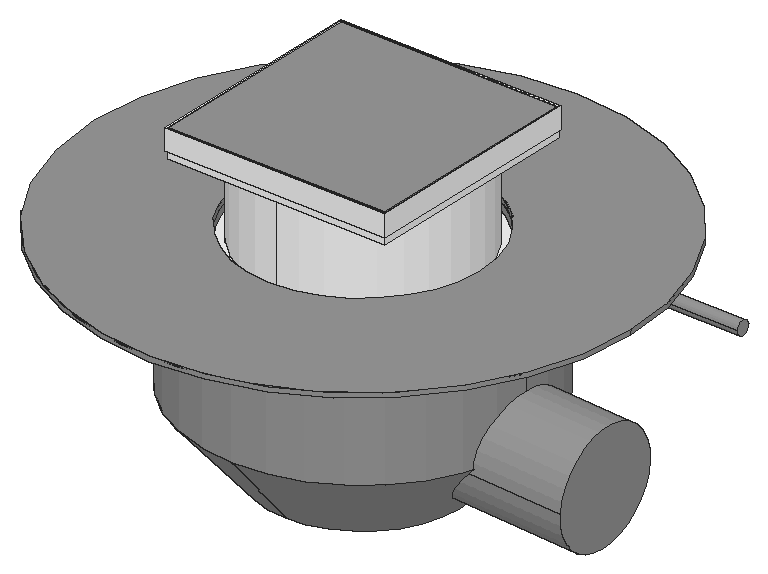
Revit family "HL_RU_Roof drain_HL64.1BF-B-221103", category Sanitärinstallationen, Revit 2020
Family settings
  Bemaßung runder Anschluss = Durchmesser verwenden
  Teiletyp = Normal
  OmniClass-Nummer = 23.70.50.21.24.14
  OmniClass-Titel = Deck Waste Water Drains
  Arbeitsebenenbasiert = Nein
  Immer vertikal = Ja
  Beim Laden mit Abzugskörper schneiden = Nein
  Gemeinsam genutzt = Nein
  Raumberechnungspunkt = Ja
Parameters (values of type "HL_Кровельная воронка_HL64.1BF_7")
  РЕШЁТКА = "Edelstahl 137x137mm"
  РАЗМЕР = "DN75"
  ПРОПУСКНАЯ СПОСОБНОСТЬ [instance] = 0.0 L/s
  ПРОИЗВОДИТЕЛЬНОСТЬ = "3,7 l/s"
  ПРАВОВАЯ ИНФОРМАЦИЯ = "Авторские права(©), права на дизайн или какие либо другие права интелектуальной собственности являются исключительной собственностью компании HL Hutterer & Lechner. Изменению не подлежит. Файл семейства с данными о прозводителе изделия защищен паролем с водяным знаком."
  НОМИНАЛЬНЫЙ ДИАМЕТР = 75 mm
  НАСАДКА = "19-65mm/148x148mm"
  МАТЕРИАЛ = "PP"
  МАКСИМАЛЬНАЯ НАГРУЗКА КЛАССА = "K - 300 kg"
  ВЕС = "1,16 [kg]"
  Vorgabe-Ansicht = 0 mm
  Hersteller = "HL Hutterer & Lechner GmbH"  # constant formula
  URL = "http://www.hutterer-lechner.com/ru/products/catalog/roof-drains/HL64.1BF/7.aspx"
  Материал плитка [instance] = none
  Lüftungsverbindung = no
  Abwasserrohrverbindung = yes
  HW-Verbindung = no
  KW-Verbindung = no
  Beschreibung = "Кровельные воронки"
  Model = "HL64.1BF_7"
  Assembly Code = " "
  Typenkommentare = "HL64.1BF/7 Кровельная воронка DN75 для эксплуатируемой кровли, горизонтальный выпуск, с ПП_фланцем и электрообогревом (10_30W/230V),"
  Keynote = "HL64.1BF_7"
  Bысота монтажа [instance] = 65 mm  # constant formula
  G [instance] = 90.00°  # constant formula
  EAN = "9003076031566"
  D [instance] = if(НОМИНАЛЬНЫЙ ДИАМЕТР = 75 mm, 162.8 mm, 178 mm)  # 162.8 mm
  C [instance] = if(Bысота монтажа - 68 mm < 0 mm, 0 mm, Bысота монтажа - 68 mm)  # 0 mm
  B [instance] = Bысота монтажа + if(НОМИНАЛЬНЫЙ ДИАМЕТР = 75 mm, 101.7 mm, 84 mm)  # 166.7 mm
  A [instance] = if(B - 100 mm > 15 mm, B - 100 mm, 15 mm)  # 66.7 mm
Types (3, lengths in mm): name | РАЗМЕР | НОМИНАЛЬНЫЙ ДИАМЕТР | ВЕС | URL | Model | Typenkommentare | Keynote | EAN | D | B | A
  (no name) | "DN75" | 75 | "1,16 [kg]" | "http://www.hutterer-lechner.com/ru/products/catalog/roof-drains/HL64.1BF/7.aspx" | "HL64.1BF_7" | "HL64.1BF/7 Кровельная воронка DN75 для эксплуатируемой кровли, горизонтальный выпуск, с ПП_фланцем и электрообогревом (10_30W/230V)," | "HL64.1BF_7" | "9003076031566" | 162.8 | 166.7 | 66.7
  HL_Кровельная воронка_HL64.1BF_1 | "DN110" | 110 | "1,18 [kg]" | "http://www.hutterer-lechner.com/ru/products/catalog/roof-drains/HL64.1BF/1.aspx" | "HL64.1BF_1" | "HL64.1BF/1 Кровельная воронка DN110 для эксплуатируемой кровли, горизонтальный выпуск, с ПП_фланцем и электрообогревом (10_30W/230V)," | "HL64.1BF_1" | "9003076031580" | 178 | 149 | 49
  HL_Кровельная воронка_HL64.1BF_7 | "DN75" | 75 | "1,16 [kg]" | "http://www.hutterer-lechner.com/ru/products/catalog/roof-drains/HL64.1BF/7.aspx" | "HL64.1BF_7" | "HL64.1BF/7 Кровельная воронка DN75 для эксплуатируемой кровли, горизонтальный выпуск, с ПП_фланцем и электрообогревом (10_30W/230V)," | "HL64.1BF_7" | "9003076031566" | 162.8 | 166.7 | 66.7
Reference planes
  plane 1 "Center (Front/Back)": y = 0
  plane 2: z = 0
  plane 3 "Center (Left/Right)": x = 0
  plane 4: z = -166.7
  plane 5: z = -65
Lines and regions (mm)
  model lines, style "InvisibleLines"
    curve 1: line (0, 0, 0) -> (0, 0, 20)
  model lines, style "PlumbingFixtures", detail levels coarse+medium
    curve 2: line (0, 0, -166.7) -> (0, 0, -100)
    curve 3: line (0, 0, -100) -> (-100, 0, 0)
    curve 4: line (0, 0, -100) -> (100, 0, 0)
    curve 6: line (0, 0, -166.7) -> (162.8, 0, -166.7)
  reference lines, not visible
    curve 5: line (0, 0, -166.7) -> (162.8, 0, -166.7)
  symbolic lines, style "PlumbingFixtures", detail levels coarse+medium
    curve 7: line (-75, 75, 0) -> (75, 75, 0)
    curve 8: line (-75, -75, 0) -> (-75, 75, 0)
    curve 9: line (75, -75, 0) -> (-75, -75, 0)
    curve 10: line (75, 75, 0) -> (75, -75, 0)
    curve 11: line (-75, 75, 0) -> (-145.711, 145.711, 0)
    curve 12: line (75, 75, 0) -> (145.711, 145.711, 0)
    curve 13: line (-75, -75, 0) -> (-145.711, -145.711, 0)
    curve 14: line (75, -75, 0) -> (145.711, -145.711, 0)
  symbolic lines, style "PlumbingFixtures", not visible, detail levels coarse+medium
    curve 15: line (-75, 75, 0) -> (75, 75, 0)
    curve 16: line (-75, -75, 0) -> (-75, 75, 0)
    curve 17: line (75, -75, 0) -> (-75, -75, 0)
    curve 18: line (75, 75, 0) -> (75, -75, 0)
    curve 19: line (-75, 75, 0) -> (-145.711, 145.711, 0)
    curve 20: line (75, 75, 0) -> (145.711, 145.711, 0)
    curve 21: line (-75, -75, 0) -> (-145.711, -145.711, 0)
    curve 22: line (75, -75, 0) -> (145.711, -145.711, 0)
Text (mm)
  text "FLOOR" at (-162.344, 0, -10.979), in view "Drain Construction View"
Dimensions and locks
  "B": plane 2 to plane 4
  "Bысота монтажа": plane 2 to plane 5
  "A": curve 4 to plane 4
  "D": curve 5 to curve 5
  "D": curve 6 to curve 6
  locked: curve 4 to plane 3 "Center (Left/Right)" (angle 45.00°)
  locked: plane 3 "Center (Left/Right)" to curve 3 (angle 45.00°)
  "G": angle curve 5 to plane 3 "Center (Left/Right)"
  aligned and locked: level to plane 2
  aligned and locked: plane 2 to curve 4
  aligned and locked: plane 2 to curve 3
  aligned and locked: plane 4 to curve 5
  aligned and locked: plane 3 "Center (Left/Right)" to curve 5
  aligned and locked: plane 4 to curve 2
  aligned and locked: plane 3 "Center (Left/Right)" to curve 6
  aligned and locked: plane 4 to curve 6
  aligned and locked: plane 2 to nested 1
  aligned and locked: nested 2 to plane 5
Automatic sketch dimensions
  curve 2 to plane 3 "Center (Left/Right)" = 0 mm
  curve 1 to plane 3 "Center (Left/Right)" = 0 mm
  curve 1 to level = 0 mm
  level to curve 1 = 20 mm
Nested families
  nested 1: "HL_Насадка_HL66.9S" at (0, 0, 0), Bысота монтажа <- "Bысота монтажа", type "HL_Grate frame_HL66.9S"
    with L 93 mm, IHmin 12 mm, IHmax 65 mm, Bысота монтажа 65 mm
  nested 2: "HL_кровельные воронки - корпус_HL64.1F" at (0, 0, -64.538), НОМИНАЛЬНЫЙ ДИАМЕТР <- "НОМИНАЛЬНЫЙ ДИАМЕТР", type "HL_кровельные воронки - корпус_HL64.1F"
    with НОМИНАЛЬНЫЙ ДИАМЕТР 75 mm, Q02 93.275 mm, Q 150 mm, L 163 mm, B 101.5 mm, A 93.5 mm
Connectors
  piping at (162.8, 0, -166.7), diameter 75, driven by "ПРОПУСКНАЯ СПОСОБНОСТЬ", driven by "НОМИНАЛЬНЫЙ ДИАМЕТР"
    settings: on curve 5, index 1, connector inside diameter 609.6 mm, connector length 0 mm, flow factor 0, pipe flow 0.0 L/s, pressure drop 0.0 Pa, fitting loss kfactor 0, connector angle 0.00°, fixture units 0, engagement length 0 mm, angle of deflection 0.00°, flow configuration 1, flow direction 2, fitting loss method 0, system type 16, joint type 0, gender type 0, connector reference index -1, connector utility 0, adjustable connector yes, is connector primary yes, connector description ""
Definition of nested family "HL_Насадка_HL66.9S"
  Parameters (values of type "HL_Grate frame_HL66.9S")
    РЕШЁТКА = "Edelstahl 138x138mm"
    РАЗМЕР = "d 145 mm"
    ПРАВОВАЯ ИНФОРМАЦИЯ = "Авторские права(©), права на дизайн или какие либо другие права интелектуальной собственности являются исключительной собственностью компании HL Hutterer & Lechner. Изменению не подлежит. Файл семейства с данными о прозводителе изделия защищен паролем с водяным знаком."
    НАСАДКА = "147x147mm"
    МАТЕРИАЛ = "PP"
    МАКСИМАЛЬНАЯ НАГРУЗКА КЛАССА = "K - 300 kg"
    ВЫСОТА МОНТАЖА = "12-65mm"
    Материал плитка = none
    ВЕС = "0,345 [kg]"
    Default Elevation = 0 mm
    L [instance] = if(Bысота монтажа < IHmin, -100 mm, if(Bысота монтажа > IHmax, -100 mm, Bысота монтажа + 28 mm))  # 93 mm
    Manufacturer = "HL Hutterer & Lechner GmbH"
    URL = "http://www.hutterer-lechner.com/ru/products/catalog/roof-drains/HL66.9.aspx"
    Description = "Кровельные воронки"
    Model = "HL66.9"
    Type Comments = "HL66.9, Насадка d 145мм с бороздками/147х147мм/138х138мм"
    Keynote = "HL66.9"
    Bысота монтажа [instance] = 65 mm
    IHmin [instance] = 12 mm
    IHmax [instance] = 65 mm
    EAN = "9003076014606"
    Cost = 0
  Reference planes
    plane 1 "Střed (vpředu/vzadu)": y = 0
    plane 2: z = 0
    plane 3 "Střed (vlevo/vpravo)": x = 0
  Forms (mm)
    Revolve 1, solid, detail levels fine
      sketch origin (0, 0, 128) x (0, 1, 0) y (0, 0, 1)
        loop
          line (72.5, -142) -> (69.248, -142) -> (69.248, -221) -> (72.5, -221) -> (72.5, -142)
        axis (0, -142) -> (0, -221)
      angle from 0 to 360
    Extrusion 2, solid, detail levels fine
      sketch origin (-1.537, 0, -14.6) x (0, 1, 0) y (-1, 0, 0)
        loop
          line (74, 72.459) -> (-74, 72.459) -> (-74, -75.537) -> (74, -75.537) -> (74, 72.459)
        loop
          line (73, 71.463) -> (-73, 71.463) -> (-73, -74.537) -> (73, -74.537) -> (73, 71.463)
      from 0.6 to 14.6
    Extrusion 3, solid, detail levels fine
      sketch origin (-1.537, 0, -14) x (-1, 0, 0) y (0, 1, 0)
        loop
          line (71.463, 73) -> (-74.537, 73) -> (-74.537, -73) -> (71.463, -73) -> (71.463, 73)
        loop
          circle (-1.537, 0) r 72.5
      from 0 to 5
    Extrusion 4, solid, detail levels fine
      sketch origin (-1.537, 0, -14) x (-1, 0, 0) y (0, -1, 0)
        loop
          line (70.95, -72.397) -> (70.95, 72.463) -> (-74.05, 72.463) -> (-74.05, -72.397) -> (70.95, -72.397)
      from 0 to 14
    Revolve 5, solid, detail levels fine
      sketch origin (0, 75.989, -93) x (0, -1, 0) y (0, 0, -1)
        loop
          line (3.489, -20) -> (3.489, 0) -> (0.186, 0) -> (-2.325, -2.511) -> (-2.325, -20) -> (3.489, -20)
        axis (75.989, -20) -> (75.989, 0)
      angle from 0 to 360
  Lines and regions (mm)
    model lines, detail levels fine
      curve 1: line (36.25, 24.325, 0) -> (36.25, -24.42, 0)
      curve 2: line (43.75, -24.42, 0) -> (43.75, 24.325, 0)
      curve 3: line (52.25, 40.306, 0) -> (52.25, -40.355, 0)
      curve 4: line (59.75, -40.355, 0) -> (59.75, 40.306, 0)
      curve 5: line (20.25, 8.588, 0) -> (20.25, -8.684, 0)
      curve 6: line (27.75, -8.684, 0) -> (27.75, 8.588, 0)
      curve 7: arc (27.75, 8.588, 0) -> (24, 12.338, 0) -> (20.25, 8.588, 0) r 3.75
      curve 8: arc (20.25, -8.684, 0) -> (24, -12.434, 0) -> (27.75, -8.684, 0) r 3.75
      curve 9: arc (36.25, -24.42, 0) -> (40, -28.17, 0) -> (43.75, -24.42, 0) r 3.75
      curve 10: arc (43.75, 24.325, 0) -> (40, 28.075, 0) -> (36.25, 24.325, 0) r 3.75
      curve 11: arc (59.75, 40.306, 0) -> (56, 44.056, 0) -> (52.25, 40.306, 0) r 3.75
      curve 12: arc (52.25, -40.355, 0) -> (56, -44.105, 0) -> (59.75, -40.355, 0) r 3.75
      curve 13: line (-24.325, -36.25, 0) -> (24.42, -36.25, 0)
      curve 14: line (24.42, -43.75, 0) -> (-24.325, -43.75, 0)
      curve 15: line (-40.306, -52.25, 0) -> (40.355, -52.25, 0)
      curve 16: line (40.355, -59.75, 0) -> (-40.306, -59.75, 0)
      curve 17: line (-8.588, -20.25, 0) -> (8.684, -20.25, 0)
      curve 18: line (8.684, -27.75, 0) -> (-8.588, -27.75, 0)
      curve 19: arc (-8.588, -27.75, 0) -> (-12.338, -24, 0) -> (-8.588, -20.25, 0) r 3.75
      curve 20: arc (8.684, -20.25, 0) -> (12.434, -24, 0) -> (8.684, -27.75, 0) r 3.75
      curve 21: arc (24.42, -36.25, 0) -> (28.17, -40, 0) -> (24.42, -43.75, 0) r 3.75
      curve 22: arc (-24.325, -43.75, 0) -> (-28.075, -40, 0) -> (-24.325, -36.25, 0) r 3.75
      curve 23: arc (-40.306, -59.75, 0) -> (-44.056, -56, 0) -> (-40.306, -52.25, 0) r 3.75
      curve 24: arc (40.355, -52.25, 0) -> (44.105, -56, 0) -> (40.355, -59.75, 0) r 3.75
      curve 25: line (36.25, -24.42, 0) -> (36.25, 24.325, 0)
      curve 26: line (43.75, 24.325, 0) -> (43.75, -24.42, 0)
      curve 27: line (52.25, -40.355, 0) -> (52.25, 40.306, 0)
      curve 28: line (59.75, 40.306, 0) -> (59.75, -40.355, 0)
      curve 29: line (20.25, -8.684, 0) -> (20.25, 8.588, 0)
      curve 30: line (27.75, 8.588, 0) -> (27.75, -8.684, 0)
      curve 31: arc (27.75, -8.588, 0) -> (24, -12.338, 0) -> (20.25, -8.588, 0) r 3.75
      curve 32: arc (20.25, 8.684, 0) -> (24, 12.434, 0) -> (27.75, 8.684, 0) r 3.75
      curve 33: arc (36.25, 24.42, 0) -> (40, 28.17, 0) -> (43.75, 24.42, 0) r 3.75
      curve 34: arc (43.75, -24.325, 0) -> (40, -28.075, 0) -> (36.25, -24.325, 0) r 3.75
      curve 35: arc (59.75, -40.306, 0) -> (56, -44.056, 0) -> (52.25, -40.306, 0) r 3.75
      curve 36: arc (52.25, 40.355, 0) -> (56, 44.105, 0) -> (59.75, 40.355, 0) r 3.75
      curve 37: line (24.42, -36.25, 0) -> (-24.325, -36.25, 0)
      curve 38: line (-24.325, -43.75, 0) -> (24.42, -43.75, 0)
      curve 39: line (40.355, -52.25, 0) -> (-40.306, -52.25, 0)
      curve 40: line (-40.306, -59.75, 0) -> (40.355, -59.75, 0)
      curve 41: line (8.684, -20.25, 0) -> (-8.588, -20.25, 0)
      curve 42: line (-8.588, -27.75, 0) -> (8.684, -27.75, 0)
      curve 43: arc (8.588, -27.75, 0) -> (12.338, -24, 0) -> (8.588, -20.25, 0) r 3.75
      curve 44: arc (-8.684, -20.25, 0) -> (-12.434, -24, 0) -> (-8.684, -27.75, 0) r 3.75
      curve 45: arc (-24.42, -36.25, 0) -> (-28.17, -40, 0) -> (-24.42, -43.75, 0) r 3.75
      curve 46: arc (24.325, -43.75, 0) -> (28.075, -40, 0) -> (24.325, -36.25, 0) r 3.75
      curve 47: arc (40.306, -59.75, 0) -> (44.056, -56, 0) -> (40.306, -52.25, 0) r 3.75
      curve 48: arc (-40.355, -52.25, 0) -> (-44.105, -56, 0) -> (-40.355, -59.75, 0) r 3.75
      curve 49: line (-36.25, 24.325, 0) -> (-36.25, -24.325, 0)
      curve 50: line (-43.75, -24.325, 0) -> (-43.75, 24.325, 0)
      curve 51: line (-52.25, 40.306, 0) -> (-52.25, -40.306, 0)
      curve 52: line (-59.75, -40.306, 0) -> (-59.75, 40.306, 0)
      curve 53: line (-20.25, 8.588, 0) -> (-20.25, -8.588, 0)
      curve 54: line (-27.75, -8.684, 0) -> (-27.75, 8.588, 0)
      curve 55: arc (-27.75, 8.588, 0) -> (-24, 12.338, 0) -> (-20.25, 8.588, 0) r 3.75
      curve 56: arc (-20.25, -8.684, 0) -> (-24, -12.434, 0) -> (-27.75, -8.684, 0) r 3.75
      curve 57: arc (-43.75, 24.325, 0) -> (-40, 28.075, 0) -> (-36.25, 24.325, 0) r 3.75
      curve 58: arc (-59.75, 40.306, 0) -> (-56, 44.056, 0) -> (-52.25, 40.306, 0) r 3.75
      curve 59: line (-36.25, -24.325, 0) -> (-36.25, 24.325, 0)
      curve 60: line (-43.75, 24.325, 0) -> (-43.75, -24.325, 0)
      curve 61: line (-52.25, -40.306, 0) -> (-52.25, 40.306, 0)
      curve 62: line (-59.75, 40.306, 0) -> (-59.75, -40.306, 0)
      curve 63: line (-20.25, -8.588, 0) -> (-20.25, 8.588, 0)
      curve 64: line (-27.75, 8.588, 0) -> (-27.75, -8.684, 0)
      curve 65: arc (-27.75, -8.588, 0) -> (-24, -12.338, 0) -> (-20.25, -8.588, 0) r 3.75
      curve 66: arc (-20.25, 8.684, 0) -> (-24, 12.434, 0) -> (-27.75, 8.684, 0) r 3.75
      curve 67: arc (-36.25, 24.42, 0) -> (-40, 28.17, 0) -> (-43.75, 24.42, 0) r 3.75
      curve 68: arc (-43.75, -24.325, 0) -> (-40, -28.075, 0) -> (-36.25, -24.325, 0) r 3.75
      curve 69: arc (-59.75, -40.306, 0) -> (-56, -44.056, 0) -> (-52.25, -40.306, 0) r 3.75
      curve 70: arc (-52.25, 40.355, 0) -> (-56, 44.105, 0) -> (-59.75, 40.355, 0) r 3.75
      curve 71: line (-24.42, 36.25, 0) -> (24.325, 36.25, 0)
      curve 72: line (24.42, 43.75, 0) -> (-24.42, 43.75, 0)
      curve 73: line (-40.355, 52.25, 0) -> (40.306, 52.25, 0)
      curve 74: line (40.306, 59.75, 0) -> (-40.355, 59.75, 0)
      curve 75: line (-8.588, 20.25, 0) -> (8.588, 20.25, 0)
      curve 76: line (8.684, 27.75, 0) -> (-8.588, 27.75, 0)
      curve 77: arc (-8.588, 27.75, 0) -> (-12.338, 24, 0) -> (-8.588, 20.25, 0) r 3.75
      curve 78: arc (8.684, 20.25, 0) -> (12.434, 24, 0) -> (8.684, 27.75, 0) r 3.75
      curve 79: arc (24.42, 36.25, 0) -> (28.17, 40, 0) -> (24.42, 43.75, 0) r 3.75
      curve 80: line (24.325, 36.25, 0) -> (-24.42, 36.25, 0)
      curve 81: line (-24.42, 43.75, 0) -> (24.42, 43.75, 0)
      curve 82: line (40.306, 52.25, 0) -> (-40.355, 52.25, 0)
      curve 83: line (-40.355, 59.75, 0) -> (40.306, 59.75, 0)
      curve 84: line (8.588, 20.25, 0) -> (-8.588, 20.25, 0)
      curve 85: line (-8.588, 27.75, 0) -> (8.684, 27.75, 0)
      curve 86: arc (8.588, 27.75, 0) -> (12.338, 24, 0) -> (8.588, 20.25, 0) r 3.75
      curve 87: arc (-8.684, 20.25, 0) -> (-12.434, 24, 0) -> (-8.684, 27.75, 0) r 3.75
      curve 88: arc (-24.42, 36.25, 0) -> (-28.17, 40, 0) -> (-24.42, 43.75, 0) r 3.75
      curve 89: arc (24.325, 43.75, 0) -> (28.075, 40, 0) -> (24.325, 36.25, 0) r 3.75
      curve 90: arc (40.306, 59.75, 0) -> (44.056, 56, 0) -> (40.306, 52.25, 0) r 3.75
      curve 91: arc (-40.355, 52.25, 0) -> (-44.105, 56, 0) -> (-40.355, 59.75, 0) r 3.75
    reference lines
      curve 92: line (0, 75.989, -93) -> (0, -174.011, -93)
  Dimensions and locks
    Extrusion 2 sketch curve to Extrusion 2 sketch curve = 147.996 mm
    Extrusion 2 sketch curve to Extrusion 2 sketch curve = 148 mm
    "L": curve 92 to plane 2
    aligned and locked: level to plane 2
    aligned and locked: Revolve 1 to curve 92
  Automatic sketch dimensions
    plane 1 "Střed (vpředu/vzadu)" to Extrusion 2 sketch curve = 74 mm
    Extrusion 2 sketch curve to Extrusion 2 sketch curve = 1 mm  (x3)
    plane 3 "Střed (vlevo/vpravo)" to Extrusion 2 sketch curve = 74 mm
    Extrusion 2 sketch curve to Extrusion 2 sketch curve = 0.996 mm
    Extrusion 3 sketch curve to Extrusion 2 = 0 mm  (x4)
    Extrusion 3 sketch curve to Extrusion 2 = 73 mm  (x2)
    Extrusion 2 to curve 16 = 13.25 mm
    curve 24 to curve 47 = 3.75 mm
    curve 47 to curve 24 = 0 mm
    curve 48 to curve 23 = 0 mm  (x2)
    curve 23 to curve 38 = 8.5 mm
    curve 24 to curve 12 = 11.895 mm
    curve 12 to curve 35 = 0.048 mm
    curve 15 to curve 69 = 11.944 mm
    curve 22 to curve 45 = 3.75 mm
    curve 21 to curve 46 = 3.75 mm
    curve 46 to curve 21 = 0 mm
    curve 22 to curve 18 = 8.5 mm
    curve 21 to curve 9 = 11.83 mm
    curve 13 to curve 49 = 11.925 mm
    curve 9 to curve 34 = 0.095 mm
    curve 18 to curve 19 = 3.75 mm
    curve 44 to curve 19 = 0 mm  (x2)
    curve 43 to curve 20 = 0 mm
    curve 20 to curve 5 = 11.566 mm
    curve 49 to curve 64 = 15.642 mm
    curve 8 to curve 31 = 0.095 mm
    curve 56 to curve 53 = 0.095 mm
    curve 65 to curve 64 = 17.177 mm
    curve 31 to curve 29 = 17.177 mm
    curve 7 to curve 32 = 0.095 mm
    curve 55 to curve 66 = 0.095 mm
    curve 32 to curve 84 = 11.566 mm
    curve 86 to curve 78 = 3.75 mm
    curve 86 to curve 78 = 0 mm
    curve 77 to curve 87 = 3.75 mm
    curve 87 to curve 77 = 0 mm  (x2)
    curve 66 to curve 60 = 15.642 mm
    curve 32 to curve 26 = 15.642 mm
    curve 10 to curve 33 = 0.095 mm
    curve 57 to curve 67 = 0.095 mm
    curve 33 to curve 71 = 11.83 mm
    curve 89 to curve 89 = 3.75 mm
    curve 88 to curve 88 = 3.75 mm
    curve 89 to curve 79 = 0 mm
    curve 33 to curve 11 = 15.886 mm
    curve 67 to curve 51 = 15.886 mm
    curve 58 to curve 70 = 0.048 mm
    curve 11 to curve 36 = 0.048 mm
    curve 70 to curve 73 = 11.895 mm
    curve 90 to curve 90 = 3.75 mm
    Extrusion 2 to curve 28 = 13.25 mm
    curve 4 to curve 11 = 3.75 mm
    curve 35 to curve 12 = 0 mm
    curve 36 to curve 11 = 0 mm
    curve 3 to curve 2 = 8.5 mm
    curve 3 to curve 39 = 11.895 mm
    curve 11 to curve 83 = 11.944 mm
    curve 24 to curve 47 = 0.048 mm
    curve 26 to curve 9 = 3.75 mm
    curve 33 to curve 10 = 0 mm
    curve 34 to curve 9 = 0 mm
    curve 34 to curve 30 = 8.5 mm
    curve 90 to curve 72 = 15.886 mm
    curve 1 to curve 21 = 11.83 mm
    curve 79 to curve 80 = 0.095 mm
    curve 21 to curve 46 = 0.095 mm
    curve 6 to curve 32 = 3.75 mm
    curve 6 to curve 8 = 3.75 mm
    curve 31 to curve 8 = 0 mm
    curve 29 to curve 17 = 11.566 mm
    curve 7 to curve 78 = 11.566 mm
    curve 78 to curve 86 = 0.095 mm
    curve 20 to curve 43 = 0.095 mm
    curve 43 to curve 41 = 17.177 mm
    curve 86 to curve 77 = 17.177 mm
    curve 19 to curve 44 = 0.095 mm
    curve 77 to curve 87 = 0.095 mm
    curve 87 to curve 53 = 11.566 mm
    curve 53 to curve 66 = 3.75 mm
    curve 55 to curve 66 = 0 mm
    curve 56 to curve 54 = 3.75 mm
    curve 65 to curve 56 = 0 mm
    curve 44 to curve 14 = 15.642 mm
    curve 22 to curve 45 = 0.095 mm
    curve 87 to curve 72 = 15.736 mm
    curve 45 to curve 59 = 11.83 mm
    curve 57 to curve 67 = 3.75 mm
    curve 68 to curve 68 = 3.75 mm
    curve 45 to curve 15 = 15.886 mm
    curve 23 to curve 48 = 0.048 mm
    curve 72 to curve 74 = 15.935 mm
    curve 91 to curve 51 = 11.895 mm
    curve 51 to curve 70 = 3.75 mm
    curve 51 to curve 69 = 3.75 mm
    curve 45 to curve 22 = 0 mm
    curve 36 to curve 28 = 0 mm
    curve 33 to curve 2 = 0 mm
    curve 32 to curve 30 = 0 mm
    curve 66 to curve 55 = 0 mm
    curve 67 to curve 57 = 0 mm
    curve 70 to curve 51 = 0 mm
    Extrusion 4 sketch curve to Extrusion 3 = 0.487 mm
    Extrusion 4 sketch curve to Extrusion 3 = 0.513 mm
    Extrusion 4 sketch curve to Extrusion 3 = 0.603 mm
    Extrusion 4 sketch curve to Extrusion 3 = 0.537 mm
    Revolve 1 sketch curve to plane 1 "Střed (vpředu/vzadu)" = 0 mm
    Revolve 1 sketch curve to level = 14 mm
    Revolve 1 sketch curve to plane 1 "Střed (vpředu/vzadu)" = 69.248 mm
    Revolve 1 sketch curve to Revolve 1 sketch curve = 3.252 mm
    Revolve 1 sketch curve to Revolve 1 sketch curve = 79 mm
    Revolve 1 sketch curve to Revolve 1 sketch curve = 17.5 mm
    level to Revolve 1 sketch curve = 144.5 mm
    Revolve 5 sketch curve to curve 92 = 0 mm
    Revolve 5 sketch curve to curve 92 = 2.325 mm
    curve 92 to Revolve 5 sketch curve = 0.186 mm
    curve 92 to Revolve 5 sketch curve = 3.489 mm
    Revolve 5 sketch curve to curve 92 = 2.511 mm
    Revolve 5 sketch curve to curve 92 = 20 mm
    curve 92 to Revolve 5 sketch curve = 75.989 mm
    Revolve 5 sketch curve to curve 92 = 393 mm
    curve 92 to Revolve 5 sketch curve = 207 mm
    plane 1 "Střed (vpředu/vzadu)" to curve 92 = 174.011 mm
    curve 92 to plane 1 "Střed (vpředu/vzadu)" = 75.989 mm
    radius of Extrusion 3 sketch curve = 72.5 mm
Definition of nested family "HL_кровельные воронки - корпус_HL64.1F"
  Parameters (values of type "HL_кровельные воронки - корпус_HL64.1F")
    НОМИНАЛЬНЫЙ ДИАМЕТР [instance] = 110 mm
    Default Elevation = 0 mm
    Manufacturer = ""
    URL = ""
    Q02 [instance] = 93.275 mm
    Q [instance] = 150 mm
    Description = ""
    Model = ""
    L [instance] = if(НОМИНАЛЬНЫЙ ДИАМЕТР = 75 mm, 163 mm, if(НОМИНАЛЬНЫЙ ДИАМЕТР = 110 mm, 178 mm, 0 mm))  # 178 mm
    Type Comments = ""
    Cost = 0
    B [instance] = if(НОМИНАЛЬНЫЙ ДИАМЕТР = 75 mm, 101.5 mm, 84 mm)  # 84 mm
    A [instance] = if(НОМИНАЛЬНЫЙ ДИАМЕТР = 75 mm, 93.5 mm, 75 mm)  # 75 mm
  Reference planes
    plane 1 "Střed (vpředu/vzadu)": y = 0
    plane 2: z = 0
    plane 3 "Střed (vlevo/vpravo)": x = 0
  Forms (mm)
    Extrusion 1, solid, detail levels fine
      sketch origin (0.013, 0.012, 0) x (1, 0, 0) y (0, 1, 0)
        loop
          circle (0, 0) r 180
        loop
          circle (0, 0) r 78.913
      from -0.462 to -3.5
    Extrusion 2, solid, detail levels fine
      sketch origin (0.013, 0.012, -3.5) x (0, 1, 0) y (1, 0, 0)
        loop
          circle (0, 0) r 140
      from 0 to 18
    Extrusion 3, solid, detail levels fine
      sketch origin (0.013, 0.012, -21.5) x (-1, 0, 0) y (0, 1, 0)
        loop
          circle (0, 0) r 110
      from 0 to 73.906
    Blend 4, solid, detail levels fine
      base sketch origin (0.013, 0.012, -95.406) x (0, -1, 0) y (1, 0, 0)
        loop
          circle (0, 0) r 110
      top sketch origin (0.013, 0.012, -95.406) x (0, -1, 0) y (1, 0, 0)
        loop
          circle (0, 0) r 65
      from 0 to -53
    Revolve 5, void
      sketch origin (0.013, 0.012, 0) x (1, 0, 0) y (0, 0, 1)
        loop
          line (-78.913, 0) -> (-78.913, -16.281) -> (-74.694, -23.588) -> (-74.694, -24.914) -> (-75.511, -24.914) -> (-75.511, -30.304) -> (-64.679, -30.304) -> (-64.679, -32.804) -> (0, -32.804) -> (0, 0) -> (-78.913, 0)
        axis (0, 0) -> (0, -32.804)
      angle from 0 to 360
    Extrusion 6, solid, detail levels fine
      sketch origin (0, 0, 0) x (0, 1, 0) y (0, 0, 1)
        loop
          circle (70.204, -23.074) r 4.5
      from 55.926 to 199.171
    Extrusion 7, solid, detail levels fine
      sketch origin (179.265, 0, -54.515) x (0, -1, 0) y (-0.050562, 0, -0.998721)
        loop
          circle (0, 29.523) r 55
      from -0.044 to -100.795
  Cuts and joins
    Revolve 5 cuts Extrusion 1
    Revolve 5 cuts Extrusion 2
    Revolve 5 cuts Extrusion 3
  Lines and regions (mm)
    reference lines
      curve 1: line (0, 0, -75) -> (177.772, 0, -84)
  Dimensions and locks
    "B": plane 2 to curve 1
    "A": plane 2 to curve 1
    locked: curve 1 to plane 3 "Střed (vlevo/vpravo)" at 0
    "L": curve 1 to curve 1
    "НОМИНАЛЬНЫЙ ДИАМЕТР": diameter of Extrusion 7 sketch curve
    aligned and locked: level to plane 2
  Automatic sketch dimensions
    Extrusion 1 sketch curve to Extrusion 1 sketch curve = 0 mm  (x2)
    plane 3 "Střed (vlevo/vpravo)" to Extrusion 1 sketch curve = 0.013 mm
    Extrusion 1 sketch curve to plane 1 "Střed (vpředu/vzadu)" = 0.012 mm
    Revolve 5 sketch curve to level = 0 mm
    Revolve 5 sketch curve to plane 3 "Střed (vlevo/vpravo)" = 78.899 mm
    Revolve 5 sketch curve to Revolve 5 sketch curve = 3.401 mm
    Revolve 5 sketch curve to Revolve 5 sketch curve = 0.817 mm
    Revolve 5 sketch curve to Revolve 5 sketch curve = 10.833 mm
    plane 3 "Střed (vlevo/vpravo)" to Revolve 5 sketch curve = 0.013 mm  (x2)
    Revolve 5 sketch curve to level = 16.281 mm
    Revolve 5 sketch curve to Revolve 5 sketch curve = 7.307 mm
    Revolve 5 sketch curve to Revolve 5 sketch curve = 1.326 mm
    Revolve 5 sketch curve to Revolve 5 sketch curve = 5.39 mm
    Revolve 5 sketch curve to level = 32.804 mm
    level to Revolve 5 sketch curve = 25 mm
    Revolve 5 sketch curve to Revolve 5 sketch curve = 50 mm
    Extrusion 6 sketch curve to level = 23.074 mm
    Extrusion 6 sketch curve to plane 1 "Střed (vpředu/vzadu)" = 70.204 mm
    Extrusion 7 sketch curve to plane 1 "Střed (vpředu/vzadu)" = 0 mm
    radius of Extrusion 1 sketch curve = 180 mm
    radius of Extrusion 1 sketch curve = 78.913 mm
    radius of Extrusion 2 sketch curve to Extrusion 1 = 40 mm
    radius of Extrusion 3 sketch curve to Extrusion 2 = 30 mm
    radius of Blend 4 sketch curve to Extrusion 3 = 0 mm
    radius of Blend 4 sketch curve to Extrusion 3 = 45 mm
    radius of Extrusion 6 sketch curve = 4.5 mm
